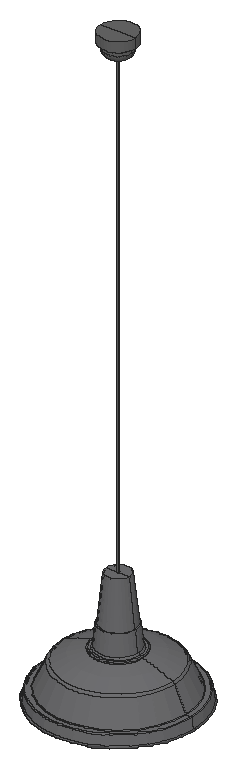
Revit family "OSNC LED 24,36,40", category Lighting Fixtures, Revit 2020 (continued)
Definition of nested family "OSNC40_1"
  Definition of nested family "OSNC40"
    Automatic sketch dimensions
      Revolve 2 sketch curve to plane 4 = 0' - 1.7507"
Definition of nested family "OSNC36_1"
  Parameters (values of type "OSNC36_1")
    OSNC36 [instance] = yes
    Light Elevation [instance] = 4' - 0"
    INSIDE BODY [instance] = none
    Default Elevation = 0' - 0"
    Bulb [instance] = none
    Body [instance] = none
  Reference planes (in)
    plane 1 "Center (Front/Back)": y = 0
    plane 2: z = 0
    plane 3 "Center (Left/Right)": x = 0
    plane 4: z = 48
  Dimensions and locks (in)
    "Light Elevation": plane 4 to plane 2
    locked: plane 4 to nested 2 at 19.14531
    aligned and locked: plane 2 to level
    aligned and locked: plane 3 "Center (Left/Right)" to nested 1
    aligned and locked: plane 1 "Center (Front/Back)" to nested 1
    aligned and locked: plane 4 to nested 1
    aligned and locked: plane 3 "Center (Left/Right)" to nested 2
    aligned and locked: plane 1 "Center (Front/Back)" to nested 2
  Nested families (in)
    nested 1: "OSNC36" at (0, 0, 21), body <- "Body", visible <- "OSNC36", OSNC36 <- "OSNC36", INSIDE BODY <- "INSIDE BODY", type "Standard"
      with body none, OSNC36 yes
    nested 2: "Bulb" at (0, 0, 31.46353), Bulb <- "Bulb", visible <- "OSNC36", OSNC36 <- "OSNC36", type "Bulb"
      with OSNC36 yes, Bulb none
  Definition of nested family "OSNC36"
    Parameters (values of type "Standard")
      body [instance] = none
      OSNC36 [instance] = yes
      INSIDE BODY [instance] = none
      Default Elevation = 0' - 0"
    Reference planes (in)
      plane 1 "Center (Front/Back)": y = 0
      plane 2: z = 0
      plane 3 "Center (Left/Right)": x = 0
      plane 4: z = 27
      plane 5: x = 18
      plane 6: x = -18
    Forms (in)
      Revolve 1, solid, material <- "body", visible <- "OSNC36"
        sketch origin (0, 0, 0) x (1, 0, 0) y (0, 0, 1)
          loop
            arc (-17.84136, 0.32109) -> (-17.97844, 0.07612) -> (-17.69799, 0.08831) r 0.1607
            line (-17.69799, 0.08831) -> (-17.30427, 2.32121)
            arc (-17.30427, 2.32121) -> (-17.23207, 2.44626) -> (-17.09639, 2.49564) r 0.21109
            line (-17.09639, 2.49564) -> (-15.92712, 2.49564)
            arc (-15.92712, 2.49564) -> (-15.83988, 2.52079) -> (-15.7794, 2.58851) r 0.16392
            line (-15.7794, 2.58851) -> (-13.1968, 7.95727)
            arc (-13.1968, 7.95727) -> (-13.00651, 8.14999) -> (-12.78224, 8.30185) r 1.38038
            arc (-12.78224, 8.30185) -> (-9.38212, 9.8473) -> (-5.79888, 10.90069) r 26.56882
            line (-5.79888, 10.90069) -> (-5.79888, 10.96796)
            arc (-5.79888, 10.96796) -> (-5.73783, 11.11536) -> (-5.59044, 11.17641) r 0.20844
            line (-5.59044, 11.17641) -> (-4.95576, 11.17641)
            arc (-4.95576, 11.17641) -> (-4.86025, 11.42778) -> (-4.63563, 11.57563) r 0.43695
            line (-4.63563, 11.57563) -> (-4.19518, 16.20008)
            arc (-4.19518, 16.20008) -> (-4.17208, 16.24625) -> (-4.12392, 16.26487) r 0.07158
            line (-4.12392, 16.26487) -> (-4.04216, 16.26487)
            arc (-4.04216, 16.26487) -> (-3.92161, 16.3148) -> (-3.87168, 16.43535) r 0.17048
            line (-3.87168, 16.43535) -> (-2.77113, 26.90633) -> (-0.25194, 26.90633) -> (-0.25194, 27) -> (-2.84307, 27) -> (-3.95331, 16.43681)
            arc (-3.95331, 16.43681) -> (-3.98598, 16.37269) -> (-4.05317, 16.3469) r 0.10041
            line (-4.05317, 16.3469) -> (-4.19399, 16.3469)
            arc (-4.19399, 16.3469) -> (-4.24213, 16.32829) -> (-4.26524, 16.28214) r 0.07158
            line (-4.26524, 16.28214) -> (-4.71023, 11.63415)
            arc (-4.71023, 11.63415) -> (-4.91695, 11.483) -> (-5.03265, 11.25453) r 0.54912
            line (-5.03265, 11.25453) -> (-5.68004, 11.25453)
            arc (-5.68004, 11.25453) -> (-5.82743, 11.19348) -> (-5.88848, 11.04609) r 0.20844
            line (-5.88848, 11.04609) -> (-5.88848, 10.94756)
            arc (-5.88848, 10.94756) -> (-9.47172, 9.89417) -> (-12.87184, 8.34872) r 26.56882
            arc (-12.87184, 8.34872) -> (-13.09436, 8.19096) -> (-13.2731, 7.98491) r 1.14149
            line (-13.2731, 7.98491) -> (-15.8294, 2.67084)
            arc (-15.8294, 2.67084) -> (-15.88987, 2.60312) -> (-15.97711, 2.57798) r 0.16392
            line (-15.97711, 2.57798) -> (-17.16304, 2.57798)
            arc (-17.16304, 2.57798) -> (-17.29873, 2.52859) -> (-17.37092, 2.40355) r 0.21109
            line (-17.37092, 2.40355) -> (-17.77429, 0.11596)
            arc (-17.77429, 0.11596) -> (-17.91006, 0.12373) -> (-17.84136, 0.24109) r 0.07972
            line (-17.84136, 0.24109) -> (-17.84136, 0.32109)
          axis (0, 27) -> (0, 0.08831)
        angle from 0 to 360
      Revolve 2, solid, material <- "INSIDE BODY", visible <- "OSNC36"
        sketch origin (3, 0, 0) x (1, 0, 0) y (0, 0, 1)
          loop
            line (-20.58641, 0.10782) -> (-20.50523, 0.10782) -> (-20.14802, 2.13371)
            arc (-20.14802, 2.13371) -> (-20.07582, 2.25876) -> (-19.94014, 2.30814) r 0.21109
            line (-19.94014, 2.30814) -> (-18.77087, 2.30814)
            arc (-18.77087, 2.30814) -> (-18.68363, 2.33329) -> (-18.62315, 2.40101) r 0.16392
            line (-18.62315, 2.40101) -> (-15.9673, 7.92203)
            arc (-15.9673, 7.92203) -> (-15.65078, 8.1553) -> (-15.29442, 8.32146) r 1.98089
            arc (-15.29442, 8.32146) -> (-12.15737, 9.76969) -> (-8.85902, 10.7989) r 26.58881
            line (-8.85902, 10.7989) -> (-8.52151, 10.7989) -> (-8.52151, 10.88825) -> (-8.77151, 10.88825)
            arc (-8.77151, 10.88825) -> (-12.16241, 9.84918) -> (-15.38485, 8.36808) r 26.5891
            arc (-15.38485, 8.36808) -> (-15.73248, 8.18761) -> (-16.0436, 7.94968) r 2.25347
            line (-16.0436, 7.94968) -> (-18.67315, 2.48334)
            arc (-18.67315, 2.48334) -> (-18.73362, 2.41562) -> (-18.82086, 2.39048) r 0.16392
            line (-18.82086, 2.39048) -> (-20.00679, 2.39048)
            arc (-20.00679, 2.39048) -> (-20.14248, 2.34109) -> (-20.21467, 2.21605) r 0.21109
            line (-20.21467, 2.21605) -> (-20.58641, 0.10782)
          axis (-3, 10.88825) -> (-3, 0.10782)
        angle from 0 to 360
    Dimensions and locks (in)
      plane 4 to plane 2 = 2' - 3"
      plane 5 to plane 3 "Center (Left/Right)" = 1' - 6"
      plane 6 to plane 5 = 3' - 0"
      equal spacing: plane 6, plane 3 "Center (Left/Right)", plane 5
      aligned and locked: plane 2 to level
      aligned and locked: Revolve 2 sketch curve to plane 3 "Center (Left/Right)"
    Automatic sketch dimensions
      Revolve 1 sketch curve to plane 4 = 0' - 0"
      Revolve 1 sketch curve to plane 3 "Center (Left/Right)" = 0' - 0"
      Revolve 1 sketch curve to plane 3 "Center (Left/Right)" = 0' - 0.11549"
      Revolve 1 sketch curve to Revolve 1 sketch curve = 0' - 0.0896"  (x3)
      Revolve 1 sketch curve to plane 4 = 0' - 0.09367"
      Revolve 1 sketch curve to plane 3 "Center (Left/Right)" = 0' - 0.25194"
      Revolve 1 sketch curve to Revolve 1 sketch curve = 0' - 2.5192"
      Revolve 1 sketch curve to Revolve 1 sketch curve = 0' - 0.07194"
      Revolve 1 sketch curve to plane 3 "Center (Left/Right)" = 0' - 3.87168"
      Revolve 1 sketch curve to Revolve 1 sketch curve = 0' - 0.08163"
      Revolve 1 sketch curve to Revolve 1 sketch curve = 0' - 0.08885"
      Revolve 1 sketch curve to Revolve 1 sketch curve = 0' - 0.01101"
      Revolve 1 sketch curve to Revolve 1 sketch curve = 0' - 0.08177"
      Revolve 1 sketch curve to Revolve 1 sketch curve = 0' - 0.07007"
      Revolve 1 sketch curve to Revolve 1 sketch curve = 0' - 0.07126"
      Revolve 1 sketch curve to Revolve 1 sketch curve = 0' - 0.07125"
      Revolve 1 sketch curve to plane 3 "Center (Left/Right)" = 0' - 4.49841"
      Revolve 1 sketch curve to Revolve 1 sketch curve = 0' - 0.02094"
      Revolve 1 sketch curve to Revolve 1 sketch curve = 0' - 0.11628"
      Revolve 1 sketch curve to Revolve 1 sketch curve = 0' - 0.07459"
      Revolve 1 sketch curve to Revolve 1 sketch curve = 0' - 0.4364"
      Revolve 1 sketch curve to Revolve 1 sketch curve = 0' - 0.07689"
      Revolve 1 sketch curve to Revolve 1 sketch curve = 0' - 0.55779"
      Revolve 1 sketch curve to Revolve 1 sketch curve = 0' - 0.11885"
      Revolve 1 sketch curve to plane 6 = 0' - 5.87586"
      Revolve 1 sketch curve to Revolve 1 sketch curve = 0' - 0.20349"
      Revolve 1 sketch curve to Revolve 1 sketch curve = 0' - 0.86917"
      Revolve 1 sketch curve to Revolve 1 sketch curve = 0' - 0.0763"  (x2)
      Revolve 1 sketch curve to plane 6 = 0' - 2.2206"
      Revolve 1 sketch curve to Revolve 1 sketch curve = 0' - 0.04999"  (x2)
      Revolve 1 sketch curve to Revolve 1 sketch curve = 0' - 0.14772"
      Revolve 1 sketch curve to plane 6 = 0' - 0.90361"
      Revolve 1 sketch curve to Revolve 1 sketch curve = 0' - 0.06666"  (x2)
      Revolve 1 sketch curve to Revolve 1 sketch curve = 0' - 0.14122"
      level to Revolve 1 sketch curve = 0' - 0.08831"
      Revolve 1 sketch curve to plane 6 = 0' - 0.30201"
      Revolve 1 sketch curve to Revolve 1 sketch curve = 0' - 0.06551"
      Revolve 1 sketch curve to plane 6 = 0' - 0.15864"
      Revolve 1 sketch curve to Revolve 1 sketch curve = 0' - 0.00182"
      Revolve 1 sketch curve to level = 1' - 3.00626"
      Revolve 1 sketch curve to Revolve 1 sketch curve = 0' - 0 3/64"  (x2)
      Revolve 1 sketch curve to Revolve 1 sketch curve = 0' - 0.02765"  (x2)
      Revolve 1 sketch curve to Revolve 1 sketch curve = 0' - 0.04444"
      Revolve 1 sketch curve to Revolve 1 sketch curve = 0' - 0.00099"
      Revolve 1 sketch curve to Revolve 1 sketch curve = 0' - 1.96346"
      Revolve 1 sketch curve to Revolve 1 sketch curve = 0' - 0.03665"
      Revolve 1 sketch curve to Revolve 1 sketch curve = 0' - 0.08233"  (x3)
      Revolve 1 sketch curve to Revolve 1 sketch curve = 0' - 0.09286"
      Revolve 1 sketch curve to Revolve 1 sketch curve = 0' - 4.4176"
      Revolve 1 sketch curve to Revolve 1 sketch curve = 0' - 0.25687"
      Revolve 1 sketch curve to Revolve 1 sketch curve = 0' - 0.61195"
      Revolve 1 sketch curve to Revolve 1 sketch curve = 0' - 3.81225"
      Revolve 1 sketch curve to Revolve 1 sketch curve = 0' - 0.06728"
      Revolve 1 sketch curve to Revolve 1 sketch curve = 0' - 0 5/64"
      Revolve 1 sketch curve to Revolve 1 sketch curve = 0' - 0.04889"
      Revolve 1 sketch curve to Revolve 1 sketch curve = 0' - 0.02691"
      Revolve 1 sketch curve to Revolve 1 sketch curve = 0' - 4.55914"
      Revolve 1 sketch curve to Revolve 1 sketch curve = 0' - 0.00679"
      Revolve 1 sketch curve to Revolve 1 sketch curve = 0' - 0.01045"
      Revolve 1 sketch curve to Revolve 1 sketch curve = 0' - 0.00682"
      Revolve 1 sketch curve to Revolve 1 sketch curve = 0' - 0.00146"
      Revolve 1 sketch curve to Revolve 1 sketch curve = 0' - 3.47098"
      Revolve 1 sketch curve to Revolve 1 sketch curve = 0' - 2 3/4"
      level to Revolve 2 sketch curve = 0' - 0.10782"
      Revolve 2 sketch curve to plane 6 = 0' - 0.41359"
      Revolve 2 sketch curve to Revolve 2 sketch curve = 0' - 0.08117"
      Revolve 2 sketch curve to plane 6 = 0' - 0.78533"
      Revolve 2 sketch curve to Revolve 2 sketch curve = 0' - 0.06666"  (x2)
      Revolve 2 sketch curve to Revolve 2 sketch curve = 0' - 0.14122"
      Revolve 2 sketch curve to Revolve 2 sketch curve = 0' - 1.11927"
      Revolve 2 sketch curve to Revolve 2 sketch curve = 0' - 0.04999"  (x2)
      Revolve 2 sketch curve to Revolve 2 sketch curve = 0' - 0.09773"
      Revolve 2 sketch curve to plane 6 = 0' - 4.9564"
      Revolve 2 sketch curve to Revolve 2 sketch curve = 0' - 1.40396"
      Revolve 2 sketch curve to Revolve 2 sketch curve = 0' - 0.11534"
      Revolve 2 sketch curve to plane 3 "Center (Left/Right)" = 0' - 5.85902"
      Revolve 2 sketch curve to Revolve 2 sketch curve = 0' - 0.08751"
      Revolve 2 sketch curve to Revolve 2 sketch curve = 0' - 0 1/4"
      plane 3 "Center (Left/Right)" to Revolve 2 sketch curve = 0' - 0.30582"
      Revolve 2 sketch curve to Revolve 2 sketch curve = 0' - 0.0893"
      Revolve 2 sketch curve to Revolve 2 sketch curve = 0' - 0.0469"
      Revolve 2 sketch curve to Revolve 2 sketch curve = 0' - 1.98924"
      Revolve 2 sketch curve to Revolve 2 sketch curve = 0' - 0.03665"
      Revolve 2 sketch curve to Revolve 2 sketch curve = 0' - 0.08233"  (x3)
      Revolve 2 sketch curve to Revolve 2 sketch curve = 0' - 0.09286"
      Revolve 2 sketch curve to Revolve 2 sketch curve = 0' - 3.80206"
      Revolve 2 sketch curve to Revolve 2 sketch curve = 0' - 0.16653"
      Revolve 2 sketch curve to Revolve 2 sketch curve = 0' - 1.49776"
      Revolve 2 sketch curve to Revolve 2 sketch curve = 0' - 4.34698"
      Revolve 2 sketch curve to Revolve 2 sketch curve = 0' - 0.08935"
      Revolve 2 sketch curve to Revolve 2 sketch curve = 0' - 0.0763"
      Revolve 2 sketch curve to Revolve 2 sketch curve = 0' - 0.09043"
      Revolve 2 sketch curve to Revolve 2 sketch curve = 0' - 0.02765"
      Revolve 2 sketch curve to plane 4 = 0' - 7.09367"
      Revolve 2 sketch curve to Revolve 2 sketch curve = 0' - 2 3/4"
  Definition of nested family "Bulb"
    Parameters (values of type "Bulb")
      OSNC36 [instance] = yes
      Default Elevation = 0' - 0"
      Bulb [instance] = none
    Reference planes (in)
      plane 1 "Center (Front/Back)": y = 0
      plane 2: z = 0
      plane 3 "Center (Left/Right)": x = 0
    Forms (in)
      Revolve 1, solid, material <- "Bulb"
        sketch origin (0.00446, 0, 0.00567) x (1, 0, 0) y (0, 0, 1)
          loop
            arc (-1.22244, -3.28132) -> (-0.86108, -4.13031) -> (0, -4.46182) r 1.18347
            line (0, -4.46182) -> (0, -3.28132) -> (-1.22244, -3.28132)
          axis (0, -4.46182) -> (0, -3.28132)
        angle from 0 to 360
      Revolve 2, solid, material <- "Bulb"
        sketch origin (0, 0, 0) x (1, 0, 0) y (0, 0, 1)
          loop
            line (0.00225, -3.02565) -> (0.00225, -3.27565) -> (1.76788, -3.27565) -> (1.76788, -3.02565) -> (0.00225, -3.02565)
          axis (0.00225, -3.02565) -> (0.00225, -3.27565)
        angle from 0 to 360
      Revolve 3, solid, material <- "Bulb"
        sketch origin (0, 0, 0) x (1, 0, 0) y (0, 0, 1)
          loop
            line (5.75, -2.81724) -> (0, -2.81724) -> (0, -3.02565) -> (5.75, -3.02565) -> (5.75, -2.81724)
          axis (0, -3.02565) -> (0, -2.81724)
        angle from 0 to 360
      Revolve 4, solid, material <- "Bulb"
        sketch origin (0, 0, 0) x (1, 0, 0) y (0, 0, 1)
          loop
            line (7.3125, -2.81724) -> (7.3125, -2.60885) -> (0, -2.60885) -> (0, -2.81724) -> (7.3125, -2.81724)
          axis (0, -2.60885) -> (0, -2.81724)
        angle from 0 to 360
    Dimensions and locks (in)
      aligned and locked: plane 2 to level
Types (4): name | b | a | Weight | URL | OSNC40 | OSNC36 | OSNC24 | Model | Fixture Height | Fixture Diameter
  (no name) | 0' - 2" | 1' - 6" | "14.5 lbs" | "https://www.anplighting.com/assets/Uploads/product-attachments/specification-sheets/ANP-Specification-Sheet-RLM-LED-OSNC24.pdf" | no | no | yes | "OSNC24" | 1' - 6" | 2' - 0"
  OSNC24 | 0' - 2" | 1' - 6" | "14.5 lbs" | "https://www.anplighting.com/assets/Uploads/product-attachments/specification-sheets/ANP-Specification-Sheet-RLM-LED-OSNC24.pdf" | no | no | yes | "OSNC24" | 1' - 6" | 2' - 0"
  OSNC36 | 0' - 4" | 2' - 3" | "25.0 lbs" | "https://www.anplighting.com/assets/Uploads/product-attachments/specification-sheets/ANP-Specification-Sheet-RLM-LED-OSNC36.pdf" | no | yes | no | "OSNC36" | 2' - 3" | 3' - 0"
  OSNC40 | 0' - 5" | 2' - 6" | "29.0 lbs" | "https://www.anplighting.com/assets/Uploads/product-attachments/specification-sheets/ANP-Specification-Sheet-RLM-LED-OSNC40.pdf" | yes | no | no | "OSNC40" | 2' - 6" | 3' - 4"
